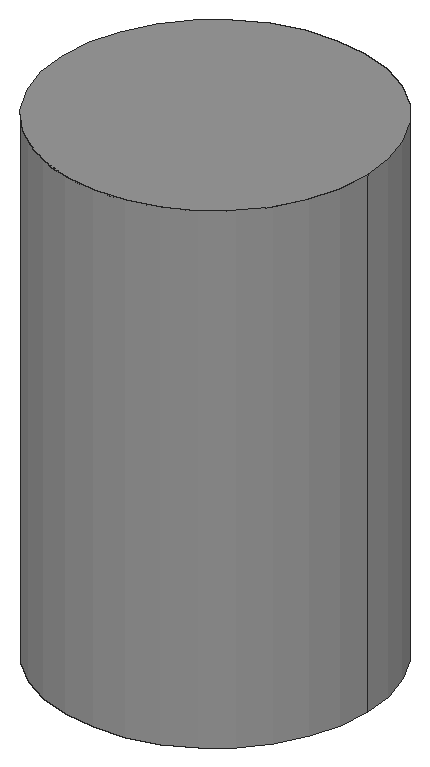
Revit family "REX_2_18W_3000K_1750LM", category Lighting Fixtures, host Ceiling, Revit 2021
Family settings
  Host = Ceiling
  Round Connector Dimension = Use Diameter
  Part Type = Normal
  OmniClass Number = 23.80.70.11
  OmniClass Title = Luminaries for Internal Lighting
  Always vertical = Yes
  Cut with Voids When Loaded = No
  Light Source = Yes
  Shared = No
  Room Calculation Point = No
Parameters (values of type "Type 1")
  Wattage = 11.7812 W
  built-in parameter 1150110 = 1 (stored number, unit not read)
  Type de lampe = "LED XC18-COB Bridgelux 2630"
  Type = "Downlight"
  built-in parameter 1114217 = 1 (stored number, unit not read)
  Tilt Angle = 90.00°
  built-in parameter 1150109 = 1 (stored number, unit not read)
  built-in parameter 1150134 = (empty or 0)
  built-in parameter 1150113 = 1 (stored number, unit not read)
  SDCM = "3"
  Puissance nominale = "18W"
  Photometric Web File = "google_eulumdat_converter (25).ies"
  Matériau = "Acier"
  Maintien du flux = "L80B10 (50 000 heures)"
  Lumens = 1750 lm
  built-in parameter 1150115 = 1 (stored number, unit not read)
  built-in parameter 1150105 = 4332.5 (stored number, unit not read)
  built-in parameter 1150137 = (empty or 0)
  built-in parameter 1150139 = (empty or 0)
  built-in parameter 1150112 = 1 (stored number, unit not read)
  built-in parameter 1150114 = 1 (stored number, unit not read)
  built-in parameter 1150132 = 2
  built-in parameter 1150102 = (empty or 0)
  built-in parameter 1150138 = (empty or 0)
  built-in parameter 1150107 = 3000 (stored number, unit not read)
  built-in parameter 1150106 = 43.325 (stored number, unit not read)
  IRC = ">90"
  Fintion = "Blanc et réflecteur chrome"
  built-in parameter 1150104 = 13.8 (stored number, unit not read)
  Durée de vie = "50 000 heures"
  Driver = "Driver Lifud TUV CE RCM CCC"
  Dimming Lamp Color Temperature Shift = <None>
  Dimensions = "Ø 95 mm, H = 150 mm"
  Default Elevation = 0 mm
  Color Filter = 16777215
  built-in parameter 1114218 = 1 (stored number, unit not read)
  built-in parameter 1150133 = 10 (stored number, unit not read)
  Angle d'éclairage = "45°"
  Alimentation luminaire = "AC 220-240V"
Reference planes
  plane 1 "Light Source Axis (F/B)": y = 0
  plane 2: z = 0
  plane 3 "Light Source Axis (L/R)": x = 0
  plane 4 "Ceiling": z = 4000
  plane 5 "Light Source Elevation": z = 3851.516
Forms (mm)
  Extrusion 1, solid, material "Steel, Paint Finish, Ivory, Matte"
    sketch origin (0, 0, 4000) x (0, 1, 0) y (-1, 0, 0)
      loop
        circle (0, 0) r 47.5
    from -150 to 0
  Revolve 2, void
    sketch origin (0, 0, 0) x (1, 0, 0) y (0, 0, 1)
      loop
        line (0, 3845) -> (39.118, 3845)
        arc (39.118, 3845) -> (28.453, 3875.232) -> (0, 3890) r 43.601
        line (0, 3890) -> (0, 3845)
      axis (0, 3890) -> (0, 3845)
    angle from 0 to 360
  Extrusion 3, solid, material "Glass, White, High Luminance"
    sketch origin (0, 0, 4000) x (0, 1, 0) y (-1, 0, 0)
      loop
        circle (0, 0) r 20
    from -121.972 to -108.669
Cuts and joins
  Revolve 2 cuts Extrusion 1
Lines and regions (mm)
  reference lines
    curve 1: line (0, 0, 4000) -> (33.588, 33.588, 4000)
    curve 2: line (0, 0, 4000) -> (0, 0, 3850)
Dimensions and locks
  equal spacing: host sketch curve, plane 3 "Light Source Axis (L/R)", host sketch curve
  equal spacing: host sketch curve, plane 1 "Light Source Axis (F/B)", host sketch curve
  host sketch curve to host sketch curve = 4000 mm  (x2)
  plane 4 "Ceiling" to host ceiling = 0 mm
  aligned and locked: plane 1 "Light Source Axis (F/B)" to imposter light
  aligned and locked: plane 5 "Light Source Elevation" to imposter light
